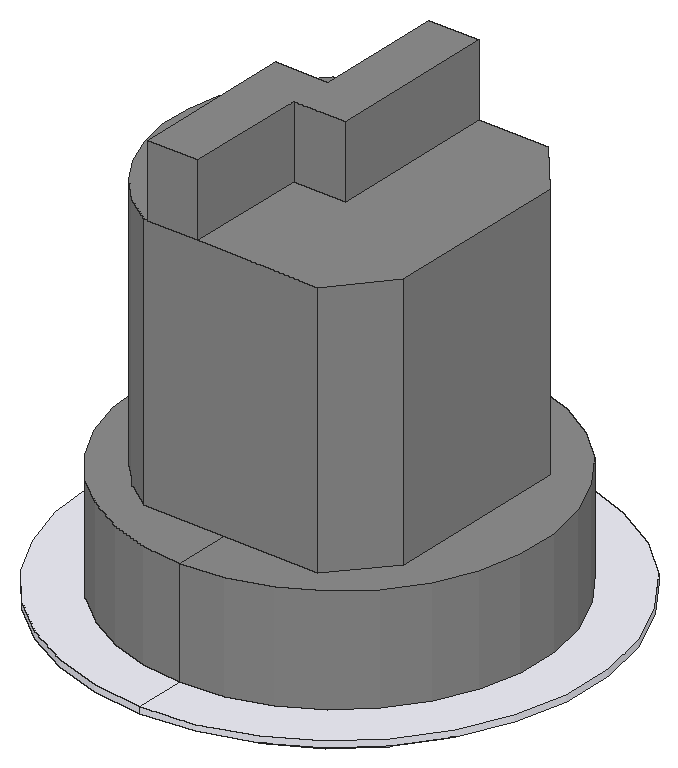
Revit family "PD2 FP types Sans hôte", category Dispositifs d'éclairage, Revit 2019
Family settings
  Conserver l'orientation des annotations = Non
  Cote de connecteur circulaire = Utiliser le diamètre
  Type d'élément = Normal
  Basée sur le plan de construction = Oui
  Toujours verticalement = Oui
  Couper avec des vides une fois chargée = Non
  Partagée = Non
  Point de calcul de pièce = Non
Parameters (values of type "01- PD2 FP Générique")
  Portée frontale [instance] = Position en hauteur * 2.4  # 600 cm
  Portée de biais [instance] = Position en hauteur * 4  # 1000 cm
  Hauteur de montage max préconisée [instance] = Hauteur de montage max  # 300 cm
  Hauteur de montage max = 300 cm
  Activitée assise [instance] = Position en hauteur * 1.6  # 400 cm
  Zone de detection [instance] = no
  URL = "http://www.luxomat.com"
  Type de Sortie = ""
  Température ambiante = "-25°C à +50°C"
  Référence = ""
  Relais = ""
  Position en hauteur [instance] = 250 cm
  Mode de pose = "Faux Plafond"
  Etiquette [instance] = yes
  Modèle = "PD2 FP"
  Marque = "LUXOMAT"
  Image du type = 360°.jpg
  IP = "20"
  Fabricant = "B.E.G."
  Default Elevation = 0 cm
  Consommation = ""
  Commentaires du type = "DET.PRES.360°/Ø10M FAUX PLAFOND"
  Code d'assemblage = "D5010200"
  Classe = "II"
  Charge LED = ""
  Charge Cos ɸ =1 = ""
  Charge Cos ɸ =0.5 = ""
  Zone assise [instance] = Position en hauteur < 300.1 cm  # yes
  Alimentation = "110-240 V AC"
Types (20, lengths in cm): name | Type de Sortie | Température ambiante | Référence | Relais | Modèle | IP | Consommation | Commentaires du type | Charge LED | Charge Cos ɸ =1 | Charge Cos ɸ =0.5 | Alimentation
  01- PD2 FP Générique | "" | "-25°C à +50°C" | "" | "" | "PD2 FP" | "20" | "" | "DET.PRES.360°/Ø10M FAUX PLAFOND" | "" | "" | "" | "110-240 V AC"
  02- PD2 M 1C FP réf 92565 | "TOR" | "-25°C à +50°C" | "92565" | "10 A" | "PD2 M 1C FP" | "20" | "0,47 W" | "DET.PRES.MAITRE.1 CONTACT.360°/Ø10M FAUX PLAFOND" | "300 W" | "2300 W" | "1150 VA" | "110-240 V AC"
  05- PD2N M DACO FP réf 93452 | "DALI 2  (40 drivers maxi)" | "-25°C à +50°C" | "93452" | "0" | "PD2N M DACO FP" | "20" | "2 W" | "DET.PRES.MAITRE.DALI 2.360°/Ø10M FAUX PLAFOND" | "0" | "0" | "0" | "110-240 V AC"
  17- PD2N LTMS FP réf 92113 | "TOR + 2 sorties 0-10 V (Lux/T°)" | "-25°C à +50°C" | "92113" | "3 A" | "PD2N LTMS FP" | "20" | "< 1 W" | "DET.PRES.11-48V.1 CONTACT+ 2 SORTIES 0-10V (LUX/TEMPERATURE).360°/Ø10M FAUX PLAFOND" | "0" | "0" | "0" | "11-48 V DC"
  08- PD2 S FP réf 92166 | "Esclave" | "-25°C à +50°C" | "92166" | "0" | "PD2 S FP" | "20" | "0,25 W" | "DET.PRES.ESCLAVE..360°/Ø10M FAUX PLAFOND" | "0" | "0" | "0" | "110-240 V AC"
  04- PD2 M 2C FP réf 92165 | "TOR + CVC" | "-25°C à +50°C" | "92165" | "10 A / 3 A" | "PD2 M 2C FP" | "20" | "0,52 W" | "DET.PRES.MAITRE.2 CONTACTS.360°/Ø10M FAUX PLAFOND" | "300 W" | "2300 W" | "1150 VA" | "110-240 V AC"
  06- PD2N M DACO 1C-FP réf 93455 | "DALI 2 (40 drivers maxi) + Contact NO" | "-25°C à +50°C" | "93455" | "10 A" | "PD2N M DACO 1C FP" | "20" | "2 W" | "DDET.PRES.MAITRE.DALI 2 + CONTACT NO.360°/Ø10M FAUX PLAFOND" | "300 W" | "2300 W" | "1150 VA" | "110-240 V AC"
  07- PD2 M DIM FP réf 92167 | "DIM (50 ballasts maxi)" | "-25°C à +50°C" | "92167" | "10 A" | "PD2 M DIM FP" | "23" | "0,47 W" | "DET.PRES.MAITRE.DIM(1-10V).360°/Ø10M FAUX PLAFOND" | "300 W" | "2300 W" | "1150 VA" | "110-240 V AC"
  19- PD2 M 2C 11-48V RR FP réf 92306 | "Reed Relais" | "-25°C à +50°C" | "92306" | "100 mA" | "PD2 M 2C 11-48V RR FP" | "20" | "0,76 W" | "DET.PRES.MAITRE.11-48V.2 CONTACTS.RR.360°/Ø10M FAUX PLAFOND" | "0" | "0" | "0" | "11-48 V AC/DC"
  20- PD2 M 2C 11-48V 3A FP réf 92164 | "Reed Relais" | "-25°C à +50°C" | "92164" | "3 A" | "PD2 M 2C 11-48V 3A FP" | "20" | "0,95 W" | "DET.PRES.MAITRE.11-48V.2 CONTACTS.3A.360°/Ø10M FAUX PLAFOND" | "0" | "0" | "0" | "11-48 V AC/DC"
  16- PD2N LON FP réf 92736 | "LON" | "+5°C à +50°C" | "92736" | "0" | "PD2N LON FP" | "20" | "12 mA" | "DET.PRES.LON.360°/Ø10M FAUX PLAFOND" | "0" | "0" | "0" | "24 V DC par Bus LON"
  15- PD2N KNXs DX FP réf 93512 | "KNX Sécure - 1 sortie Eclairage TOR ou GRADATION / 3 sorties Présence / Capteur de température et bruit / HCL" | "-5°C à +45°C" | "93512" | "0" | "PD2N KNXs DX FP" | "20" | "12 mA" | "DET.PRES.KNX Sécure.VERSION DELUXE.360°/Ø10M FAUX PLAFOND" | "0" | "0" | "0" | "24 V DC par Bus KNX"
  03- PD2N LED M 1C FP réf 94055 | "TOR + Balisage LED intégré" | "-25°C à +50°C" | "94055" | "10 A" | "PD2N LED M 1C FP" | "20" | "0,47 W" | "DET.PRES.MAITRE.1 CONTACT + BALISAGE.360°/Ø10M FAUX PLAFOND" | "300 W" | "2300 W" | "1150 VA" | "110-240 V AC"
  18- PD2N LTMS RR FP réf 92119 | "Reed Relais" | "-25°C à +50°C" | "92119" | "100 mA" | "PD2N LTMS RR FP" | "20" | ">0,5 W" | "DET.PRES.11-48V.1 CONTACT.RR.360°/Ø10M FAUX PLAFOND" | "0" | "0" | "0" | "11-48 V DC"
  11- PD2N KNX BA FP réf 93380 | "KNX - 1 sortie Eclairage TOR" | "-5°C à +45°C" | "93380" | "0" | "PD2N KNX BA FP" | "20" | "12 mA" | "DET.PRES.KNX.VERSION BASIQUE.360°/Ø10M FAUX PLAFOND" | "0" | "0" | "0" | "24 V DC par Bus KNX"
  12- PD2N KNX ST FP réf 93382 | "KNX - 1 sortie Eclairage TOR ou GRADATION / 3 sorties Présence" | "-5°C à +45°C" | "93382" | "0" | "PD2N KNX ST FP" | "20" | "12 mA" | "DET.PRES.KNX.VERSION STANDARD.360°/Ø10M FAUX PLAFOND" | "0" | "0" | "0" | "24 V DC par Bus KNX"
  09- PD2N DALISYS FP réf 93369 | "DALI Adressable" | "-25°C à +55°C" | "93369" | "0" | "PD2N DALISYS FP" | "20" | "3 mA" | "MULTI.CAPTEUR.PRES.DALISYS.360°/Ø10M FAUX PLAFOND" | "0" | "0" | "0" | "24 V DC par Bus KNX"
  10- PD2N BMS DALI 2 FP réf 93543 | "DALI 2 Adressable - BMS" | "-25°C à +55°C" | "93543" | "0" | "PD2N BMS DALI 2 FP" | "20" | "7 mA" | "MULTI.CAPTEUR.PRES.BMS.DALI 2.360°/Ø10M FAUX PLAFOND" | "0" | "0" | "0" | "24 V DC par Bus KNX"
  14- PD2N KNXs ST FP réf 93510 | "KNX Sécure - 1 sortie Eclairage TOR ou GRADATION / 3 sorties Présence / HCL" | "-5°C à +45°C" | "93510" | "0" | "PD2N KNXs ST FP" | "20" | "12 mA" | "DET.PRES.KNX Sécure.VERSION STANDARD.360°/Ø10M FAUX PLAFOND" | "0" | "0" | "0" | "24 V DC par Bus KNX"
  13- PD2N KNX DX FP réf 93360 | "KNX - 1 sortie Eclairage TOR ou GRADATION / 3 sorties Présence / Capteur de température et bruit" | "-5°C à +45°C" | "93360" | "0" | "PD2N KNX DX FP" | "20" | "12 mA" | "DET.PRES.KNX.VERSION DELUXE.360°/Ø10M FAUX PLAFOND" | "0" | "0" | "0" | "24 V DC par Bus KNX"
Reference planes (cm)
  plane 1 "Centre (avant/arrière)": y = 0
  plane 2: z = 0
  plane 3 "Centre (gauche/droite)": x = 0
Dimensions and locks (cm)
  aligned and locked: level to plane 2
  aligned and locked: nested 3 to plane 3 "Centre (gauche/droite)"
  aligned and locked: nested 3 to plane 1 "Centre (avant/arrière)"
  aligned and locked: nested 3 to nested 4  (x2)
Nested families (cm)
  nested 1: "Famille4" at (3, -60.8021, 0), visible <- "Etiquette", référence <- "Référence", modèle <- "Modèle", type "Famille4"
    with référence "", modèle "PD2 FP"
  nested 2: "Plafond 360° 2D" at (0, 0, 0), type "Plafond 360° 2D"
  nested 3: "zone G" at (0, 0, 0), activité assise <- "Activitée assise", biais <- "Portée de biais", frontal <- "Portée frontale", visible <- "Zone de detection", Zone assise <- "Zone assise", type "zone G"
    with position 2 240 cm, position 1 400 cm, frontal 600 cm, biais 1000 cm, activité assise 400 cm, Zone assise yes
  nested 4: "M9" at (0, 0, 0), type "Standard"
Connectors (cm)
  electrical at (0, 0, 0)
    settings: index 1, voltage 230 V, apparent load 0 VA, apparent load phase1 0 VA, apparent load phase2 0 VA, apparent load phase3 0 VA, power factor 1, load classification "Eclairage", number of poles 1, system type 31, power factor state 1, is connector primary yes, connector utility no, sub classification motor no, connector description ""
Definition of nested family "M9"
  Parameters (values of type "Standard")
    d98 = 0 cm
    d106 = 0 cm
  Reference planes (cm)
    plane 1 "Centre (avant/arrière)": y = 0
    plane 2: z = 0
    plane 3 "Centre (gauche/droite)": x = 0
    plane 4: x = 0
  Forms (cm)
    Revolve 1, solid, not visible
      sketch origin (0, 0, 0) x (0, -1, 0) y (0, 0, 1)
        loop
          line (0, 0) -> (0, 0.6) -> (-2.2, 0.6)
          arc (-2.2, 0.6) -> (-3.1429, 0.5045) -> (-4, 0.1) r 2.8
          line (-4, 0.1) -> (-4, 0) -> (0, 0)
        axis (0, 0.6) -> (0, 0)
      angle from 0 to 360
    Revolve 2, solid, not visible
      sketch origin (0, 0, 0) x (0, -1, 0) y (0, 0, 1)
        loop
          arc (0, 1.5) -> (-1.1885, 1.2663) -> (-2.2, 0.6) r 3.1389
          line (-2.2, 0.6) -> (0, 0.6) -> (0, 1.5)
        axis (0, 0.6) -> (0, 1.5)
      angle from 0 to 360
    Revolve 3, solid, not visible
      sketch origin (0, 0, 0) x (0, -1, 0) y (0, 0, 1)
        loop
          line (0, -1.7) -> (0, 0) -> (-3.2, 0) -> (-3.2, -1.7) -> (0, -1.7)
        axis (0, 0) -> (0, -1.7)
      angle from 0 to 360
    Extrusion 4, solid, not visible
      sketch origin (0, 3.2, -1.7) x (0, 1, 0) y (1, 0, 0)
        loop
          line (-5.5, 1.5) -> (-5.5, -1.3)
          arc (-5.5, -1.3) -> (-3.2, -2.6338) -> (-0.9, -1.3) r 2.65
          line (-0.9, -1.3) -> (-0.9, 1.5) -> (-1.7342, 2.2) -> (-4.6658, 2.2) -> (-5.5, 1.5)
      from 0 to 4.1
    Extrusion 5, solid, not visible
      sketch origin (1.5, -2.3, -5.8) x (-0.766044, 0.642788, 0) y (0.642788, 0.766044, 0)
        loop
          line (2.0775, 0.7666) -> (2.7167, 0.2303) -> (1.4809, -1.2426) -> (2.0937, -1.7568) -> (3.739, 0.204) -> (3.0998, 0.7404) -> (4.4113, 2.3034) -> (3.7985, 2.8176) -> (2.0775, 0.7666)
      from 0 to 1.15
    Revolve 6, solid
      sketch origin (0, 0, 0) x (0, 1, 0) y (0, 0, -1)
        loop
          line (0, 0) -> (4, 0) -> (4, 0.1)
          arc (4, 0.1) -> (3.1429, 0.5045) -> (2.2, 0.6) r 2.8
          line (2.2, 0.6) -> (0, 0.6) -> (0, 0)
        axis (0, 0.6) -> (0, 0)
      angle from 0 to 360
    Revolve 7, solid
      sketch origin (0, 0, 0) x (0, 1, 0) y (0, 0, -1)
        loop
          line (0, 1.5) -> (0, 0.6) -> (2.2, 0.6)
          arc (2.2, 0.6) -> (1.1885, 1.2663) -> (0, 1.5) r 3.1389
        axis (0, 0.6) -> (0, 1.5)
      angle from 0 to 360
    Revolve 8, solid
      sketch origin (0, 0, 0) x (0, 1, 0) y (0, 0, -1)
        loop
          line (0, -1.7) -> (3.2, -1.7) -> (3.2, 0) -> (0, 0) -> (0, -1.7)
        axis (0, 0) -> (0, -1.7)
      angle from 0 to 360
    Extrusion 9, solid
      sketch origin (0, -3.2, 1.7) x (-1, 0, 0) y (0, -1, 0)
        loop
          line (-1.5, -0.9) -> (-2.2, -1.7342) -> (-2.2, -4.6658) -> (-1.5, -5.5) -> (1.3, -5.5)
          arc (1.3, -5.5) -> (2.6338, -3.2) -> (1.3, -0.9) r 2.65
          line (1.3, -0.9) -> (-1.5, -0.9)
      from 0 to 4.1
    Extrusion 10, solid
      sketch origin (1.5, 2.3, 5.8) x (-0.642788, 0.766044, 0) y (-0.766044, -0.642788, 0)
        loop
          line (-1.3447, 2.5626) -> (0.7062, 0.8416) -> (1.2205, 1.4545) -> (-0.3425, 2.766) -> (0.1938, 3.4052) -> (-1.767, 5.0505) -> (-2.2812, 4.4377) -> (-0.8084, 3.2018) -> (-1.3447, 2.5626)
      from 0 to 1.15
  Dimensions and locks (cm)
    aligned and locked: level to plane 2
Definition of nested family "Famille4"
  Parameters (values of type "Famille4")
    référence [instance] = ""
    modèle [instance] = ""
  Reference planes (cm)
    plane 1: y = 0
    plane 2: x = 0
  Text (cm)
    label "Référence\nModèle" at (-0.0547, 0.0091, 0), shows "référence", "modèle"
Definition of nested family "Plafond 360° 2D"
  Reference planes (cm)
    plane 1: y = 0
    plane 2: x = 0
  Lines and regions (cm)
    Filled region 1, type "rouge"
      outline origin (0, 0, 0) x (1, 0, 0) y (0, 1, 0)
        loop
          circle (0, 0) r 0.0294
    detail lines
      curve 1: arc (-0.1732, 0.1, 0) -> (-0.2, 0, 0) -> (-0.1732, -0.1, 0) r 0.2
      curve 2: arc (-0.1, -0.1732, 0) -> (0, -0.2, 0) -> (0.1, -0.1732, 0) r 0.2
      curve 3: arc (0.1732, -0.1, 0) -> (0.2, 0, 0) -> (0.1732, 0.1, 0) r 0.2
      curve 4: arc (0.1, 0.1732, 0) -> (0, 0.2, 0) -> (-0.1, 0.1732, 0) r 0.2
      curve 5: arc (-0.1375, 0.0794, 0) -> (-0.1588, 0, 0) -> (-0.1375, -0.0794, 0) r 0.1588
      curve 6: arc (-0.0794, -0.1375, 0) -> (0, -0.1588, 0) -> (0.0794, -0.1375, 0) r 0.1588
      curve 7: arc (0.1375, -0.0794, 0) -> (0.1588, 0, 0) -> (0.1375, 0.0794, 0) r 0.1588
      curve 8: arc (0.0794, 0.1375, 0) -> (0, 0.1588, 0) -> (-0.0794, 0.1375, 0) r 0.1588
      curve 9: arc (-0.1019, 0.0588, 0) -> (-0.1176, 0, 0) -> (-0.1019, -0.0588, 0) r 0.1176
      curve 10: arc (-0.0588, -0.1019, 0) -> (0, -0.1176, 0) -> (0.0588, -0.1019, 0) r 0.1176
      curve 11: arc (0.1019, -0.0588, 0) -> (0.1176, 0, 0) -> (0.1019, 0.0588, 0) r 0.1176
      curve 12: arc (0.0588, 0.1019, 0) -> (0, 0.1176, 0) -> (-0.0588, 0.1019, 0) r 0.1176
      curve 13: arc (-0.0294, 0, 0) -> (0, -0.0294, 0) -> (0.0294, 0, 0) r 0.0294
      curve 14: arc (0.0294, 0, 0) -> (0, 0.0294, 0) -> (-0.0294, 0, 0) r 0.0294
Definition of nested family "zone G"
  Parameters (values of type "zone G")
    position 2 [instance] = (frontal / 2) * 0.8  # 240 cm
    position 1 [instance] = ((biais / 2) + (frontal / 2)) / 2  # 400 cm
    frontal [instance] = 600 cm
    biais [instance] = 1000 cm
    activité assise [instance] = 400 cm
    Zone assise [instance] = yes
  Reference planes (cm)
    plane 1 "Centre (avant/arrière)": y = 0
    plane 2: z = 0
    plane 3 "Centre (gauche/droite)": x = 0
    plane 4: x = -400
    plane 5: y = -240
  Lines and regions (cm)
    detail lines, in view "Niveau de réf.", visible <- "Zone assise"
      curve 1: circle (0, 0, 0) r 200 normal (0, 0, 1)
      curve 16: spline (-100.1609, 35.3835, 0) -> (-99.2494, 35.2529, 0) -> (-98.3931, 34.8281, 0) -> (-97.6502, 34.138, 0) -> (-97.0714, 33.2297, 0) -> (-96.6961, 32.165, 0) -> (-96.55, 31.0166, 0) -> (-96.643, 29.8626, 0) -> (-96.9687, 28.7818, 0) -> (-97.5049, 27.8477, 0) -> (-98.2152, 27.1241, 0) -> (-99.051, 26.6602, 0) -> (-99.9555, 26.4877, 0) -> (-100.867, 26.6183, 0) -> (-101.7234, 27.0431, 0) -> (-102.4663, 27.7332, 0) -> (-103.0451, 28.6415, 0) -> (-103.4203, 29.7062, 0) -> (-103.5664, 30.8546, 0) -> (-103.4735, 32.0085, 0) -> (-103.1478, 33.0894, 0) -> (-102.6115, 34.0234, 0) -> (-101.9013, 34.7471, 0) -> (-101.0654, 35.211, 0) -> (-100.1609, 35.3835, 0)
      curve 17: line (-100, 26, 0) -> (-100, 0, 0)
      curve 18: line (-100, 0, 0) -> (-83, 0, 0)
      curve 19: line (-83, 0, 0) -> (-83, -21, 0)
      curve 20: line (-100, 22.2972, 0) -> (-87.1203, 15.4489, 0)
      curve 21: line (-110.5298, 20.3537, 0) -> (-105.6439, -2.6328, 0)
      curve 22: line (-105.6439, -2.6328, 0) -> (-85.0082, -2.6328, 0)
      curve 23: line (-90.8164, -2.6328, 0) -> (-90.8164, -21, 0)
      curve 24: line (-102.3261, -2.6328, 0) -> (-102.3261, -21, 0)
      curve 34: line (-90.8164, 8.5, 0) -> (-64.3164, 8.5, 0)
      curve 35: line (-75.5, -21, 0) -> (-75.5, 8.5, 0)
      curve 36: line (-69, -21, 0) -> (-69, 8.5, 0)
    detail lines, in view "Niveau de réf."
      curve 2: circle (0, 0, 0) r 300 normal (0, 0, 1)
      curve 3: circle (0, 0, 0) r 500 normal (0, 0, 1)
      curve 4: line (-400, -41.4725, 0) -> (-400, 41.4725, 0)
      curve 5: line (-400, 41.4725, 0) -> (-422.1638, 13.1041, 0)
      curve 6: line (-400, 41.4725, 0) -> (-377.8362, 13.1041, 0)
      curve 10: line (0, -294.5767, 0) -> (0, -211.6316, 0)
      curve 11: line (0, -211.6316, 0) -> (-22.1638, -240, 0)
      curve 12: line (0, -211.6316, 0) -> (22.1638, -240, 0)
    detail lines, in view "Niveau de réf.", not visible
      curve 7: line (628.0656, -64.277, 0) -> (628.0656, 18.6681, 0)
      curve 8: line (628.0656, 18.6681, 0) -> (605.9018, -9.7003, 0)
      curve 9: line (628.0656, 18.6681, 0) -> (650.2294, -9.7003, 0)
      curve 13: line (628.0656, -64.277, 0) -> (628.0656, 18.6681, 0)
      curve 14: line (628.0656, 18.6681, 0) -> (605.9018, -9.7003, 0)
      curve 15: line (628.0656, 18.6681, 0) -> (650.2294, -9.7003, 0)
    detail lines, in view "Niveau de réf.", visible <- "Zone assise", not visible
      curve 25: spline (932.3619, 15.8637, 0) -> (933.2734, 15.7331, 0) -> (934.1297, 15.3083, 0) -> (934.8726, 14.6182, 0) -> (935.4514, 13.7099, 0) -> (935.8267, 12.6452, 0) -> (935.9728, 11.4968, 0) -> (935.8798, 10.3428, 0) -> (935.5541, 9.262, 0) -> (935.0179, 8.3279, 0) -> (934.3076, 7.6043, 0) -> (933.4718, 7.1404, 0) -> (932.5673, 6.9679, 0) -> (931.6558, 7.0985, 0) -> (930.7994, 7.5233, 0) -> (930.0565, 8.2134, 0) -> (929.4777, 9.1217, 0) -> (929.1025, 10.1864, 0) -> (928.9564, 11.3348, 0) -> (929.0493, 12.4888, 0) -> (929.375, 13.5696, 0) -> (929.9113, 14.5037, 0) -> (930.6215, 15.2273, 0) -> (931.4574, 15.6912, 0) -> (932.3619, 15.8637, 0)
      curve 26: line (932.5228, 6.4802, 0) -> (932.5228, -19.5198, 0)
      curve 27: line (932.5228, -19.5198, 0) -> (949.5228, -19.5198, 0)
      curve 28: line (949.5228, -19.5198, 0) -> (949.5228, -40.5198, 0)
      curve 29: line (932.5228, 2.7774, 0) -> (945.4025, -4.0709, 0)
      curve 30: line (921.993, 0.8339, 0) -> (926.8789, -22.1526, 0)
      curve 31: line (926.8789, -22.1526, 0) -> (947.5146, -22.1526, 0)
      curve 32: line (941.7064, -22.1526, 0) -> (941.7064, -40.5198, 0)
      curve 33: line (930.1967, -22.1526, 0) -> (930.1967, -40.5198, 0)
      curve 37: line (941.7064, -11.0198, 0) -> (968.2064, -11.0198, 0)
      curve 38: line (957.0228, -40.5198, 0) -> (957.0228, -11.0198, 0)
      curve 39: line (963.5228, -40.5198, 0) -> (963.5228, -11.0198, 0)
  Dimensions and locks (cm)
    "position 1": plane 4 to plane 3 "Centre (gauche/droite)"
    "position 2": plane 5 to plane 1 "Centre (avant/arrière)"
    "activité assise": diameter of curve 1
    "biais": diameter of curve 3
    "frontal": diameter of curve 2
    aligned and locked: plane 4 to curve 4
    aligned and locked: plane 1 "Centre (avant/arrière)" to curve 18
    aligned and locked: curve 10 to plane 3 "Centre (gauche/droite)"
    aligned and locked: plane 5 to curve 12
  Automatic sketch dimensions
    curve 5 to curve 5 = 22.1638 cm
    curve 4 to curve 6 = 22.1638 cm
    curve 6 to curve 5 = 28.3684 cm
    curve 5 to curve 5 = 28.3684 cm
    curve 4 to curve 5 = 54.5767 cm
    curve 8 to curve 8 = 22.1638 cm
    curve 7 to curve 9 = 22.1638 cm
    curve 9 to curve 8 = 28.3684 cm
    curve 8 to curve 8 = 28.3684 cm
    curve 7 to curve 8 = 54.5767 cm
    curve 11 to curve 11 = 22.1638 cm
    curve 10 to curve 12 = 22.1638 cm
    curve 12 to curve 11 = 28.3684 cm
    curve 11 to curve 11 = 28.3684 cm
    curve 10 to curve 11 = 54.5767 cm
    curve 14 to curve 14 = 22.1638 cm
    curve 13 to curve 15 = 22.1638 cm
    curve 15 to curve 14 = 28.3684 cm
    curve 14 to curve 14 = 28.3684 cm
    curve 13 to curve 14 = 54.5767 cm
    curve 21 to curve 17 = 5.6439 cm
    curve 17 to curve 19 = 17 cm
    curve 22 to curve 19 = 2.6328 cm
    curve 21 to curve 20 = 10.5298 cm
    curve 21 to curve 24 = 3.3178 cm
    curve 16 to curve 17 = 0.1609 cm
    curve 16 to curve 16 = 0.1027 cm
    curve 23 to curve 18 = 7.8164 cm
    curve 34 to curve 23 = 0 cm
    curve 34 to curve 20 = 3.6961 cm
    curve 22 to curve 18 = 2.0082 cm
    curve 19 to curve 35 = 7.5 cm
    curve 35 to curve 36 = 6.5 cm
    curve 36 to curve 34 = 4.6836 cm
    curve 35 to curve 22 = 18.3672 cm
    curve 23 to curve 35 = 0 cm
    curve 19 to curve 35 = 0 cm
    curve 35 to curve 36 = 0 cm
    curve 24 to curve 23 = 0 cm
    curve 18 to curve 36 = 8.5 cm
    curve 34 to curve 20 = 6.9489 cm
    curve 17 to curve 21 = 20.3537 cm
    curve 21 to curve 20 = 1.9435 cm
    curve 20 to curve 17 = 3.7028 cm
    curve 17 to curve 16 = 4.9356 cm
    curve 30 to curve 26 = 5.6439 cm
    curve 26 to curve 28 = 17 cm
    curve 31 to curve 28 = 2.6328 cm
    curve 30 to curve 29 = 10.5298 cm
    curve 30 to curve 33 = 3.3178 cm
    curve 25 to curve 26 = 0.1609 cm
    curve 25 to curve 25 = 0.1027 cm
    curve 32 to curve 27 = 7.8164 cm
    curve 37 to curve 32 = 0 cm
    curve 37 to curve 29 = 3.6961 cm
    curve 31 to curve 27 = 2.0082 cm
    curve 28 to curve 38 = 7.5 cm
    curve 38 to curve 39 = 6.5 cm
    curve 39 to curve 37 = 4.6836 cm
    curve 38 to curve 31 = 18.3672 cm
    curve 32 to curve 38 = 0 cm
    curve 28 to curve 38 = 0 cm
    curve 38 to curve 39 = 0 cm
    curve 33 to curve 32 = 0 cm
    curve 27 to curve 39 = 8.5 cm
    curve 37 to curve 29 = 6.9489 cm
    curve 26 to curve 30 = 20.3537 cm
    curve 30 to curve 29 = 1.9435 cm
    curve 29 to curve 26 = 3.7028 cm
    curve 26 to curve 25 = 4.9356 cm
    curve 1 to curve 2 = 0 cm  (x2)
    curve 1 to curve 3 = 0 cm  (x2)
    curve 2 to curve 3 = 0 cm  (x2)
    plane 1 "Centre (avant/arrière)" to curve 2 = 0 cm
    curve 2 to plane 3 "Centre (gauche/droite)" = 0 cm
